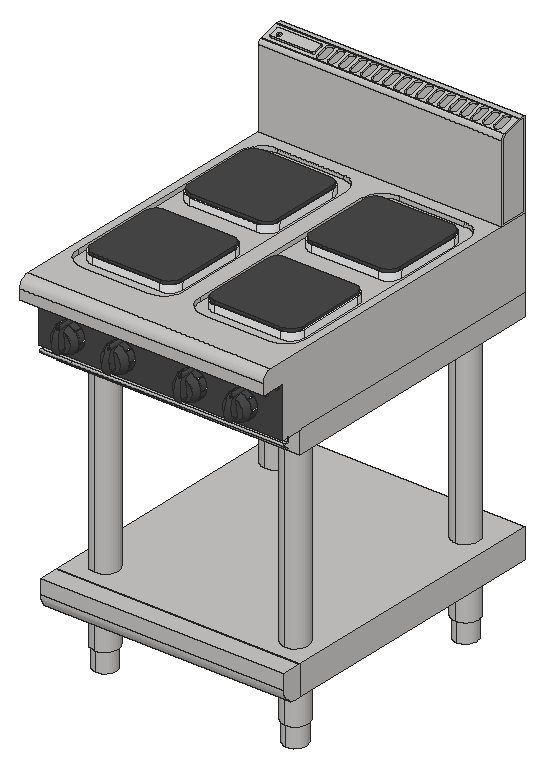
Revit family "QF_Moffat_RNB8400SE-LS_Electric_Cooktops_Sealed_Hobs_cat", category Specialty Equipment, Revit 2019 (continued)
Definition of nested family "High and Low Option"
  Lines and regions (mm)
    symbolic lines
      curve 27: spline (265.709, -25.991, 0) -> (266.049, -23.491, 0) -> (267.048, -21.162, 0) -> (268.637, -19.161, 0) -> (270.709, -17.626, 0) -> (273.12, -16.661, 0) -> (275.709, -16.332, 0) -> (278.297, -16.661, 0) -> (280.709, -17.626, 0) -> (282.78, -19.161, 0) -> (284.369, -21.162, 0) -> (285.368, -23.491, 0) -> (285.709, -25.991, 0)
      curve 28: line (285.709, -25.991, 0) -> (285.709, -50.251, 0)
      curve 29: spline (285.709, -50.251, 0) -> (285.368, -52.751, 0) -> (284.369, -55.081, 0) -> (282.78, -57.081, 0) -> (280.709, -58.616, 0) -> (278.297, -59.581, 0) -> (275.709, -59.91, 0) -> (273.12, -59.581, 0) -> (270.709, -58.616, 0) -> (268.637, -57.081, 0) -> (267.048, -55.081, 0) -> (266.049, -52.751, 0) -> (265.709, -50.251, 0)
      curve 30: line (292.989, -50.251, 0) -> (292.989, -25.991, 0)
      curve 31: spline (292.989, -25.991, 0) -> (293.329, -23.491, 0) -> (294.329, -21.162, 0) -> (295.918, -19.161, 0) -> (297.989, -17.626, 0) -> (300.401, -16.661, 0) -> (302.989, -16.332, 0) -> (305.577, -16.661, 0) -> (307.989, -17.626, 0) -> (310.06, -19.161, 0) -> (311.649, -21.162, 0) -> (312.648, -23.491, 0) -> (312.989, -25.991, 0)
      curve 32: line (312.989, -25.991, 0) -> (312.989, -50.251, 0)
      curve 33: spline (312.989, -50.251, 0) -> (312.648, -52.751, 0) -> (311.649, -55.081, 0) -> (310.06, -57.081, 0) -> (307.989, -58.616, 0) -> (305.577, -59.581, 0) -> (302.989, -59.91, 0) -> (300.401, -59.581, 0) -> (297.989, -58.616, 0) -> (295.918, -57.081, 0) -> (294.329, -55.081, 0) -> (293.329, -52.751, 0) -> (292.989, -50.251, 0)
      curve 34: line (320.269, -50.251, 0) -> (320.269, -25.991, 0)
      curve 35: spline (320.269, -25.991, 0) -> (320.61, -23.491, 0) -> (321.609, -21.162, 0) -> (323.198, -19.161, 0) -> (325.269, -17.626, 0) -> (327.681, -16.661, 0) -> (330.269, -16.332, 0) -> (332.857, -16.661, 0) -> (335.269, -17.626, 0) -> (337.34, -19.161, 0) -> (338.929, -21.162, 0) -> (339.928, -23.491, 0) -> (340.269, -25.991, 0)
      curve 36: line (340.269, -25.991, 0) -> (340.269, -50.251, 0)
      curve 37: spline (340.269, -50.251, 0) -> (339.928, -52.751, 0) -> (338.929, -55.081, 0) -> (337.34, -57.081, 0) -> (335.269, -58.616, 0) -> (332.857, -59.581, 0) -> (330.269, -59.91, 0) -> (327.681, -59.581, 0) -> (325.269, -58.616, 0) -> (323.198, -57.081, 0) -> (321.609, -55.081, 0) -> (320.61, -52.751, 0) -> (320.269, -50.251, 0)
      curve 38: line (347.549, -50.251, 0) -> (347.549, -25.991, 0)
      curve 39: spline (347.549, -25.991, 0) -> (347.89, -23.491, 0) -> (348.889, -21.162, 0) -> (350.478, -19.161, 0) -> (352.549, -17.626, 0) -> (354.961, -16.661, 0) -> (357.549, -16.332, 0) -> (360.137, -16.661, 0) -> (362.549, -17.626, 0) -> (364.62, -19.161, 0) -> (366.209, -21.162, 0) -> (367.208, -23.491, 0) -> (367.549, -25.991, 0)
      curve 40: line (367.549, -25.991, 0) -> (367.549, -50.251, 0)
      curve 41: spline (367.549, -50.251, 0) -> (367.208, -52.751, 0) -> (366.209, -55.081, 0) -> (364.62, -57.081, 0) -> (362.549, -58.616, 0) -> (360.137, -59.581, 0) -> (357.549, -59.91, 0) -> (354.961, -59.581, 0) -> (352.549, -58.616, 0) -> (350.478, -57.081, 0) -> (348.889, -55.081, 0) -> (347.89, -52.751, 0) -> (347.549, -50.251, 0)
      curve 42: line (374.829, -50.251, 0) -> (374.829, -25.991, 0)
      curve 43: spline (374.829, -25.991, 0) -> (375.17, -23.491, 0) -> (376.169, -21.162, 0) -> (377.758, -19.161, 0) -> (379.829, -17.626, 0) -> (382.241, -16.661, 0) -> (384.829, -16.332, 0) -> (387.418, -16.661, 0) -> (389.829, -17.626, 0) -> (391.9, -19.161, 0) -> (393.49, -21.162, 0) -> (394.489, -23.491, 0) -> (394.829, -25.991, 0)
      curve 44: line (394.829, -25.991, 0) -> (394.829, -50.251, 0)
      curve 45: spline (394.829, -50.251, 0) -> (394.489, -52.751, 0) -> (393.49, -55.081, 0) -> (391.9, -57.081, 0) -> (389.829, -58.616, 0) -> (387.418, -59.581, 0) -> (384.829, -59.91, 0) -> (382.241, -59.581, 0) -> (379.829, -58.616, 0) -> (377.758, -57.081, 0) -> (376.169, -55.081, 0) -> (375.17, -52.751, 0) -> (374.829, -50.251, 0)
      curve 46: line (402.11, -50.251, 0) -> (402.11, -25.991, 0)
      curve 47: spline (402.11, -25.991, 0) -> (402.45, -23.491, 0) -> (403.449, -21.162, 0) -> (405.039, -19.161, 0) -> (407.11, -17.626, 0) -> (409.521, -16.661, 0) -> (412.11, -16.332, 0) -> (414.698, -16.661, 0) -> (417.11, -17.626, 0) -> (419.181, -19.161, 0) -> (420.77, -21.162, 0) -> (421.769, -23.491, 0) -> (422.11, -25.991, 0)
      curve 48: line (422.11, -25.991, 0) -> (422.11, -50.251, 0)
      curve 49: spline (422.11, -50.251, 0) -> (421.769, -52.751, 0) -> (420.77, -55.081, 0) -> (419.181, -57.081, 0) -> (417.11, -58.616, 0) -> (414.698, -59.581, 0) -> (412.11, -59.91, 0) -> (409.521, -59.581, 0) -> (407.11, -58.616, 0) -> (405.039, -57.081, 0) -> (403.449, -55.081, 0) -> (402.45, -52.751, 0) -> (402.11, -50.251, 0)
      curve 50: line (429.39, -50.251, 0) -> (429.39, -25.991, 0)
      curve 51: spline (429.39, -25.991, 0) -> (429.731, -23.491, 0) -> (430.73, -21.162, 0) -> (432.319, -19.161, 0) -> (434.39, -17.626, 0) -> (436.802, -16.661, 0) -> (439.39, -16.332, 0) -> (441.978, -16.661, 0) -> (444.39, -17.626, 0) -> (446.461, -19.161, 0) -> (448.05, -21.162, 0) -> (449.049, -23.491, 0) -> (449.39, -25.991, 0)
      curve 52: line (449.39, -25.991, 0) -> (449.39, -50.251, 0)
      curve 53: spline (449.39, -50.251, 0) -> (449.049, -52.751, 0) -> (448.05, -55.081, 0) -> (446.461, -57.081, 0) -> (444.39, -58.616, 0) -> (441.978, -59.581, 0) -> (439.39, -59.91, 0) -> (436.802, -59.581, 0) -> (434.39, -58.616, 0) -> (432.319, -57.081, 0) -> (430.73, -55.081, 0) -> (429.731, -52.751, 0) -> (429.39, -50.251, 0)
      curve 54: line (456.67, -50.251, 0) -> (456.67, -25.991, 0)
      curve 55: spline (456.67, -25.991, 0) -> (457.011, -23.491, 0) -> (458.01, -21.162, 0) -> (459.599, -19.161, 0) -> (461.67, -17.626, 0) -> (464.082, -16.661, 0) -> (466.67, -16.332, 0) -> (469.258, -16.661, 0) -> (471.67, -17.626, 0) -> (473.741, -19.161, 0) -> (475.33, -21.162, 0) -> (476.329, -23.491, 0) -> (476.67, -25.991, 0)
      curve 56: line (476.67, -25.991, 0) -> (476.67, -50.251, 0)
      curve 57: spline (476.67, -50.251, 0) -> (476.329, -52.751, 0) -> (475.33, -55.081, 0) -> (473.741, -57.081, 0) -> (471.67, -58.616, 0) -> (469.258, -59.581, 0) -> (466.67, -59.91, 0) -> (464.082, -59.581, 0) -> (461.67, -58.616, 0) -> (459.599, -57.081, 0) -> (458.01, -55.081, 0) -> (457.011, -52.751, 0) -> (456.67, -50.251, 0)
      curve 58: line (483.95, -50.251, 0) -> (483.95, -25.991, 0)
      curve 59: spline (483.95, -25.991, 0) -> (484.291, -23.491, 0) -> (485.29, -21.162, 0) -> (486.879, -19.161, 0) -> (488.95, -17.626, 0) -> (491.362, -16.661, 0) -> (493.95, -16.332, 0) -> (496.538, -16.661, 0) -> (498.95, -17.626, 0) -> (501.021, -19.161, 0) -> (502.61, -21.162, 0) -> (503.609, -23.491, 0) -> (503.95, -25.991, 0)
      curve 60: line (503.95, -25.991, 0) -> (503.95, -50.251, 0)
      curve 61: spline (503.95, -50.251, 0) -> (503.609, -52.751, 0) -> (502.61, -55.081, 0) -> (501.021, -57.081, 0) -> (498.95, -58.616, 0) -> (496.538, -59.581, 0) -> (493.95, -59.91, 0) -> (491.362, -59.581, 0) -> (488.95, -58.616, 0) -> (486.879, -57.081, 0) -> (485.29, -55.081, 0) -> (484.291, -52.751, 0) -> (483.95, -50.251, 0)
      curve 62: line (511.23, -50.251, 0) -> (511.23, -25.991, 0)
      curve 63: spline (511.23, -25.991, 0) -> (511.571, -23.491, 0) -> (512.57, -21.162, 0) -> (514.159, -19.161, 0) -> (516.23, -17.626, 0) -> (518.642, -16.661, 0) -> (521.23, -16.332, 0) -> (523.819, -16.661, 0) -> (526.23, -17.626, 0) -> (528.302, -19.161, 0) -> (529.891, -21.162, 0) -> (530.89, -23.491, 0) -> (531.23, -25.991, 0)
      curve 64: line (531.23, -25.991, 0) -> (531.23, -50.251, 0)
      curve 65: spline (531.23, -50.251, 0) -> (530.89, -52.751, 0) -> (529.891, -55.081, 0) -> (528.302, -57.081, 0) -> (526.23, -58.616, 0) -> (523.819, -59.581, 0) -> (521.23, -59.91, 0) -> (518.642, -59.581, 0) -> (516.23, -58.616, 0) -> (514.159, -57.081, 0) -> (512.57, -55.081, 0) -> (511.571, -52.751, 0) -> (511.23, -50.251, 0)
      curve 66: line (538.511, -50.251, 0) -> (538.511, -25.991, 0)
      curve 67: spline (538.511, -25.991, 0) -> (538.851, -23.491, 0) -> (539.85, -21.162, 0) -> (541.44, -19.161, 0) -> (543.511, -17.626, 0) -> (545.922, -16.661, 0) -> (548.511, -16.332, 0) -> (551.099, -16.661, 0) -> (553.511, -17.626, 0) -> (555.582, -19.161, 0) -> (557.171, -21.162, 0) -> (558.17, -23.491, 0) -> (558.511, -25.991, 0)
      curve 68: line (558.511, -25.991, 0) -> (558.511, -50.251, 0)
      curve 69: spline (558.511, -50.251, 0) -> (558.17, -52.751, 0) -> (557.171, -55.081, 0) -> (555.582, -57.081, 0) -> (553.511, -58.616, 0) -> (551.099, -59.581, 0) -> (548.511, -59.91, 0) -> (545.922, -59.581, 0) -> (543.511, -58.616, 0) -> (541.44, -57.081, 0) -> (539.85, -55.081, 0) -> (538.851, -52.751, 0) -> (538.511, -50.251, 0)
      curve 70: line (565.791, -50.251, 0) -> (565.791, -25.991, 0)
      curve 71: spline (565.791, -25.991, 0) -> (566.132, -23.491, 0) -> (567.131, -21.162, 0) -> (568.72, -19.161, 0) -> (570.791, -17.626, 0) -> (573.203, -16.661, 0) -> (575.791, -16.332, 0) -> (578.379, -16.661, 0) -> (580.791, -17.626, 0) -> (582.862, -19.161, 0) -> (584.451, -21.162, 0) -> (585.45, -23.491, 0) -> (585.791, -25.991, 0)
      curve 72: line (585.791, -25.991, 0) -> (585.791, -50.251, 0)
      curve 73: spline (585.791, -50.251, 0) -> (585.45, -52.751, 0) -> (584.451, -55.081, 0) -> (582.862, -57.081, 0) -> (580.791, -58.616, 0) -> (578.379, -59.581, 0) -> (575.791, -59.91, 0) -> (573.203, -59.581, 0) -> (570.791, -58.616, 0) -> (568.72, -57.081, 0) -> (567.131, -55.081, 0) -> (566.132, -52.751, 0) -> (565.791, -50.251, 0)
      curve 146: line (0, 0, 0) -> (600, 0, 0)
      curve 147: line (0, -70, 0) -> (0, 0, 0)
      curve 148: line (600, -70, 0) -> (0, -70, 0)
      curve 149: line (600, 0, 0) -> (600, -70, 0)
    symbolic lines, not visible
      curve 74: line (0, 0, 0) -> (600, 0, 0)
      curve 75: line (0, -70, 0) -> (0, 0, 0)
      curve 76: line (600, -70, 0) -> (0, -70, 0)
      curve 77: line (600, 0, 0) -> (600, -70, 0)
      curve 78: line (129.307, -50.251, 0) -> (129.307, -25.991, 0)
      curve 79: spline (129.307, -25.991, 0) -> (129.648, -23.491, 0) -> (130.647, -21.162, 0) -> (132.236, -19.161, 0) -> (134.307, -17.626, 0) -> (136.719, -16.661, 0) -> (139.307, -16.332, 0) -> (141.896, -16.661, 0) -> (144.307, -17.626, 0) -> (146.379, -19.161, 0) -> (147.968, -21.162, 0) -> (148.967, -23.491, 0) -> (149.307, -25.991, 0)
      curve 80: line (149.307, -25.991, 0) -> (149.307, -50.251, 0)
      curve 81: spline (149.307, -50.251, 0) -> (148.967, -52.751, 0) -> (147.968, -55.081, 0) -> (146.379, -57.081, 0) -> (144.307, -58.616, 0) -> (141.896, -59.581, 0) -> (139.307, -59.91, 0) -> (136.719, -59.581, 0) -> (134.307, -58.616, 0) -> (132.236, -57.081, 0) -> (130.647, -55.081, 0) -> (129.648, -52.751, 0) -> (129.307, -50.251, 0)
      curve 82: line (156.588, -50.251, 0) -> (156.588, -25.991, 0)
      curve 83: spline (156.588, -25.991, 0) -> (156.928, -23.491, 0) -> (157.927, -21.162, 0) -> (159.517, -19.161, 0) -> (161.588, -17.626, 0) -> (164, -16.661, 0) -> (166.588, -16.332, 0) -> (169.176, -16.661, 0) -> (171.588, -17.626, 0) -> (173.659, -19.161, 0) -> (175.248, -21.162, 0) -> (176.247, -23.491, 0) -> (176.588, -25.991, 0)
      curve 84: line (176.588, -25.991, 0) -> (176.588, -50.251, 0)
      curve 85: spline (176.588, -50.251, 0) -> (176.247, -52.751, 0) -> (175.248, -55.081, 0) -> (173.659, -57.081, 0) -> (171.588, -58.616, 0) -> (169.176, -59.581, 0) -> (166.588, -59.91, 0) -> (164, -59.581, 0) -> (161.588, -58.616, 0) -> (159.517, -57.081, 0) -> (157.927, -55.081, 0) -> (156.928, -52.751, 0) -> (156.588, -50.251, 0)
      curve 86: line (183.868, -50.251, 0) -> (183.868, -25.991, 0)
      curve 87: spline (183.868, -25.991, 0) -> (184.209, -23.491, 0) -> (185.208, -21.162, 0) -> (186.797, -19.161, 0) -> (188.868, -17.626, 0) -> (191.28, -16.661, 0) -> (193.868, -16.332, 0) -> (196.456, -16.661, 0) -> (198.868, -17.626, 0) -> (200.939, -19.161, 0) -> (202.528, -21.162, 0) -> (203.527, -23.491, 0) -> (203.868, -25.991, 0)
      curve 88: line (203.868, -25.991, 0) -> (203.868, -50.251, 0)
      curve 89: spline (203.868, -50.251, 0) -> (203.527, -52.751, 0) -> (202.528, -55.081, 0) -> (200.939, -57.081, 0) -> (198.868, -58.616, 0) -> (196.456, -59.581, 0) -> (193.868, -59.91, 0) -> (191.28, -59.581, 0) -> (188.868, -58.616, 0) -> (186.797, -57.081, 0) -> (185.208, -55.081, 0) -> (184.209, -52.751, 0) -> (183.868, -50.251, 0)
      curve 90: line (211.148, -50.251, 0) -> (211.148, -25.991, 0)
      curve 91: spline (211.148, -25.991, 0) -> (211.489, -23.491, 0) -> (212.488, -21.162, 0) -> (214.077, -19.161, 0) -> (216.148, -17.626, 0) -> (218.56, -16.661, 0) -> (221.148, -16.332, 0) -> (223.736, -16.661, 0) -> (226.148, -17.626, 0) -> (228.219, -19.161, 0) -> (229.808, -21.162, 0) -> (230.807, -23.491, 0) -> (231.148, -25.991, 0)
      curve 92: line (231.148, -25.991, 0) -> (231.148, -50.251, 0)
      curve 93: spline (231.148, -50.251, 0) -> (230.807, -52.751, 0) -> (229.808, -55.081, 0) -> (228.219, -57.081, 0) -> (226.148, -58.616, 0) -> (223.736, -59.581, 0) -> (221.148, -59.91, 0) -> (218.56, -59.581, 0) -> (216.148, -58.616, 0) -> (214.077, -57.081, 0) -> (212.488, -55.081, 0) -> (211.489, -52.751, 0) -> (211.148, -50.251, 0)
      curve 94: line (238.428, -50.251, 0) -> (238.428, -25.991, 0)
      curve 95: spline (238.428, -25.991, 0) -> (238.769, -23.491, 0) -> (239.768, -21.162, 0) -> (241.357, -19.161, 0) -> (243.428, -17.626, 0) -> (245.84, -16.661, 0) -> (248.428, -16.332, 0) -> (251.017, -16.661, 0) -> (253.428, -17.626, 0) -> (255.499, -19.161, 0) -> (257.089, -21.162, 0) -> (258.088, -23.491, 0) -> (258.428, -25.991, 0)
      curve 96: line (258.428, -25.991, 0) -> (258.428, -50.251, 0)
      curve 97: spline (258.428, -50.251, 0) -> (258.088, -52.751, 0) -> (257.089, -55.081, 0) -> (255.499, -57.081, 0) -> (253.428, -58.616, 0) -> (251.017, -59.581, 0) -> (248.428, -59.91, 0) -> (245.84, -59.581, 0) -> (243.428, -58.616, 0) -> (241.357, -57.081, 0) -> (239.768, -55.081, 0) -> (238.769, -52.751, 0) -> (238.428, -50.251, 0)
      curve 98: line (265.709, -50.251, 0) -> (265.709, -25.991, 0)
      curve 99: spline (265.709, -25.991, 0) -> (266.049, -23.491, 0) -> (267.048, -21.162, 0) -> (268.637, -19.161, 0) -> (270.709, -17.626, 0) -> (273.12, -16.661, 0) -> (275.709, -16.332, 0) -> (278.297, -16.661, 0) -> (280.709, -17.626, 0) -> (282.78, -19.161, 0) -> (284.369, -21.162, 0) -> (285.368, -23.491, 0) -> (285.709, -25.991, 0)
      curve 100: line (285.709, -25.991, 0) -> (285.709, -50.251, 0)
      curve 101: spline (285.709, -50.251, 0) -> (285.368, -52.751, 0) -> (284.369, -55.081, 0) -> (282.78, -57.081, 0) -> (280.709, -58.616, 0) -> (278.297, -59.581, 0) -> (275.709, -59.91, 0) -> (273.12, -59.581, 0) -> (270.709, -58.616, 0) -> (268.637, -57.081, 0) -> (267.048, -55.081, 0) -> (266.049, -52.751, 0) -> (265.709, -50.251, 0)
      curve 102: line (292.989, -50.251, 0) -> (292.989, -25.991, 0)
      curve 103: spline (292.989, -25.991, 0) -> (293.329, -23.491, 0) -> (294.329, -21.162, 0) -> (295.918, -19.161, 0) -> (297.989, -17.626, 0) -> (300.401, -16.661, 0) -> (302.989, -16.332, 0) -> (305.577, -16.661, 0) -> (307.989, -17.626, 0) -> (310.06, -19.161, 0) -> (311.649, -21.162, 0) -> (312.648, -23.491, 0) -> (312.989, -25.991, 0)
      curve 104: line (312.989, -25.991, 0) -> (312.989, -50.251, 0)
      curve 105: spline (312.989, -50.251, 0) -> (312.648, -52.751, 0) -> (311.649, -55.081, 0) -> (310.06, -57.081, 0) -> (307.989, -58.616, 0) -> (305.577, -59.581, 0) -> (302.989, -59.91, 0) -> (300.401, -59.581, 0) -> (297.989, -58.616, 0) -> (295.918, -57.081, 0) -> (294.329, -55.081, 0) -> (293.329, -52.751, 0) -> (292.989, -50.251, 0)
      curve 106: line (320.269, -50.251, 0) -> (320.269, -25.991, 0)
      curve 107: spline (320.269, -25.991, 0) -> (320.61, -23.491, 0) -> (321.609, -21.162, 0) -> (323.198, -19.161, 0) -> (325.269, -17.626, 0) -> (327.681, -16.661, 0) -> (330.269, -16.332, 0) -> (332.857, -16.661, 0) -> (335.269, -17.626, 0) -> (337.34, -19.161, 0) -> (338.929, -21.162, 0) -> (339.928, -23.491, 0) -> (340.269, -25.991, 0)
      curve 108: line (340.269, -25.991, 0) -> (340.269, -50.251, 0)
      curve 109: spline (340.269, -50.251, 0) -> (339.928, -52.751, 0) -> (338.929, -55.081, 0) -> (337.34, -57.081, 0) -> (335.269, -58.616, 0) -> (332.857, -59.581, 0) -> (330.269, -59.91, 0) -> (327.681, -59.581, 0) -> (325.269, -58.616, 0) -> (323.198, -57.081, 0) -> (321.609, -55.081, 0) -> (320.61, -52.751, 0) -> (320.269, -50.251, 0)
      curve 110: line (347.549, -50.251, 0) -> (347.549, -25.991, 0)
      curve 111: spline (347.549, -25.991, 0) -> (347.89, -23.491, 0) -> (348.889, -21.162, 0) -> (350.478, -19.161, 0) -> (352.549, -17.626, 0) -> (354.961, -16.661, 0) -> (357.549, -16.332, 0) -> (360.137, -16.661, 0) -> (362.549, -17.626, 0) -> (364.62, -19.161, 0) -> (366.209, -21.162, 0) -> (367.208, -23.491, 0) -> (367.549, -25.991, 0)
      curve 112: line (367.549, -25.991, 0) -> (367.549, -50.251, 0)
      curve 113: spline (367.549, -50.251, 0) -> (367.208, -52.751, 0) -> (366.209, -55.081, 0) -> (364.62, -57.081, 0) -> (362.549, -58.616, 0) -> (360.137, -59.581, 0) -> (357.549, -59.91, 0) -> (354.961, -59.581, 0) -> (352.549, -58.616, 0) -> (350.478, -57.081, 0) -> (348.889, -55.081, 0) -> (347.89, -52.751, 0) -> (347.549, -50.251, 0)
      curve 114: line (374.829, -50.251, 0) -> (374.829, -25.991, 0)
      curve 115: spline (374.829, -25.991, 0) -> (375.17, -23.491, 0) -> (376.169, -21.162, 0) -> (377.758, -19.161, 0) -> (379.829, -17.626, 0) -> (382.241, -16.661, 0) -> (384.829, -16.332, 0) -> (387.418, -16.661, 0) -> (389.829, -17.626, 0) -> (391.9, -19.161, 0) -> (393.49, -21.162, 0) -> (394.489, -23.491, 0) -> (394.829, -25.991, 0)
      curve 116: line (394.829, -25.991, 0) -> (394.829, -50.251, 0)
      curve 117: spline (394.829, -50.251, 0) -> (394.489, -52.751, 0) -> (393.49, -55.081, 0) -> (391.9, -57.081, 0) -> (389.829, -58.616, 0) -> (387.418, -59.581, 0) -> (384.829, -59.91, 0) -> (382.241, -59.581, 0) -> (379.829, -58.616, 0) -> (377.758, -57.081, 0) -> (376.169, -55.081, 0) -> (375.17, -52.751, 0) -> (374.829, -50.251, 0)
      curve 118: line (402.11, -50.251, 0) -> (402.11, -25.991, 0)
      curve 119: spline (402.11, -25.991, 0) -> (402.45, -23.491, 0) -> (403.449, -21.162, 0) -> (405.039, -19.161, 0) -> (407.11, -17.626, 0) -> (409.521, -16.661, 0) -> (412.11, -16.332, 0) -> (414.698, -16.661, 0) -> (417.11, -17.626, 0) -> (419.181, -19.161, 0) -> (420.77, -21.162, 0) -> (421.769, -23.491, 0) -> (422.11, -25.991, 0)
      curve 120: line (422.11, -25.991, 0) -> (422.11, -50.251, 0)
      curve 121: spline (422.11, -50.251, 0) -> (421.769, -52.751, 0) -> (420.77, -55.081, 0) -> (419.181, -57.081, 0) -> (417.11, -58.616, 0) -> (414.698, -59.581, 0) -> (412.11, -59.91, 0) -> (409.521, -59.581, 0) -> (407.11, -58.616, 0) -> (405.039, -57.081, 0) -> (403.449, -55.081, 0) -> (402.45, -52.751, 0) -> (402.11, -50.251, 0)
      curve 122: line (429.39, -50.251, 0) -> (429.39, -25.991, 0)
      curve 123: spline (429.39, -25.991, 0) -> (429.731, -23.491, 0) -> (430.73, -21.162, 0) -> (432.319, -19.161, 0) -> (434.39, -17.626, 0) -> (436.802, -16.661, 0) -> (439.39, -16.332, 0) -> (441.978, -16.661, 0) -> (444.39, -17.626, 0) -> (446.461, -19.161, 0) -> (448.05, -21.162, 0) -> (449.049, -23.491, 0) -> (449.39, -25.991, 0)
      curve 124: line (449.39, -25.991, 0) -> (449.39, -50.251, 0)
      curve 125: spline (449.39, -50.251, 0) -> (449.049, -52.751, 0) -> (448.05, -55.081, 0) -> (446.461, -57.081, 0) -> (444.39, -58.616, 0) -> (441.978, -59.581, 0) -> (439.39, -59.91, 0) -> (436.802, -59.581, 0) -> (434.39, -58.616, 0) -> (432.319, -57.081, 0) -> (430.73, -55.081, 0) -> (429.731, -52.751, 0) -> (429.39, -50.251, 0)
      curve 126: line (456.67, -50.251, 0) -> (456.67, -25.991, 0)
      curve 127: spline (456.67, -25.991, 0) -> (457.011, -23.491, 0) -> (458.01, -21.162, 0) -> (459.599, -19.161, 0) -> (461.67, -17.626, 0) -> (464.082, -16.661, 0) -> (466.67, -16.332, 0) -> (469.258, -16.661, 0) -> (471.67, -17.626, 0) -> (473.741, -19.161, 0) -> (475.33, -21.162, 0) -> (476.329, -23.491, 0) -> (476.67, -25.991, 0)
      curve 128: line (476.67, -25.991, 0) -> (476.67, -50.251, 0)
      curve 129: spline (476.67, -50.251, 0) -> (476.329, -52.751, 0) -> (475.33, -55.081, 0) -> (473.741, -57.081, 0) -> (471.67, -58.616, 0) -> (469.258, -59.581, 0) -> (466.67, -59.91, 0) -> (464.082, -59.581, 0) -> (461.67, -58.616, 0) -> (459.599, -57.081, 0) -> (458.01, -55.081, 0) -> (457.011, -52.751, 0) -> (456.67, -50.251, 0)
      curve 130: line (483.95, -50.251, 0) -> (483.95, -25.991, 0)
      curve 131: spline (483.95, -25.991, 0) -> (484.291, -23.491, 0) -> (485.29, -21.162, 0) -> (486.879, -19.161, 0) -> (488.95, -17.626, 0) -> (491.362, -16.661, 0) -> (493.95, -16.332, 0) -> (496.538, -16.661, 0) -> (498.95, -17.626, 0) -> (501.021, -19.161, 0) -> (502.61, -21.162, 0) -> (503.609, -23.491, 0) -> (503.95, -25.991, 0)
      curve 132: line (503.95, -25.991, 0) -> (503.95, -50.251, 0)
      curve 133: spline (503.95, -50.251, 0) -> (503.609, -52.751, 0) -> (502.61, -55.081, 0) -> (501.021, -57.081, 0) -> (498.95, -58.616, 0) -> (496.538, -59.581, 0) -> (493.95, -59.91, 0) -> (491.362, -59.581, 0) -> (488.95, -58.616, 0) -> (486.879, -57.081, 0) -> (485.29, -55.081, 0) -> (484.291, -52.751, 0) -> (483.95, -50.251, 0)
      curve 134: line (511.23, -50.251, 0) -> (511.23, -25.991, 0)
      curve 135: spline (511.23, -25.991, 0) -> (511.571, -23.491, 0) -> (512.57, -21.162, 0) -> (514.159, -19.161, 0) -> (516.23, -17.626, 0) -> (518.642, -16.661, 0) -> (521.23, -16.332, 0) -> (523.819, -16.661, 0) -> (526.23, -17.626, 0) -> (528.302, -19.161, 0) -> (529.891, -21.162, 0) -> (530.89, -23.491, 0) -> (531.23, -25.991, 0)
      curve 136: line (531.23, -25.991, 0) -> (531.23, -50.251, 0)
      curve 137: spline (531.23, -50.251, 0) -> (530.89, -52.751, 0) -> (529.891, -55.081, 0) -> (528.302, -57.081, 0) -> (526.23, -58.616, 0) -> (523.819, -59.581, 0) -> (521.23, -59.91, 0) -> (518.642, -59.581, 0) -> (516.23, -58.616, 0) -> (514.159, -57.081, 0) -> (512.57, -55.081, 0) -> (511.571, -52.751, 0) -> (511.23, -50.251, 0)
      curve 138: line (538.511, -50.251, 0) -> (538.511, -25.991, 0)
      curve 139: spline (538.511, -25.991, 0) -> (538.851, -23.491, 0) -> (539.85, -21.162, 0) -> (541.44, -19.161, 0) -> (543.511, -17.626, 0) -> (545.922, -16.661, 0) -> (548.511, -16.332, 0) -> (551.099, -16.661, 0) -> (553.511, -17.626, 0) -> (555.582, -19.161, 0) -> (557.171, -21.162, 0) -> (558.17, -23.491, 0) -> (558.511, -25.991, 0)
      curve 140: line (558.511, -25.991, 0) -> (558.511, -50.251, 0)
      curve 141: spline (558.511, -50.251, 0) -> (558.17, -52.751, 0) -> (557.171, -55.081, 0) -> (555.582, -57.081, 0) -> (553.511, -58.616, 0) -> (551.099, -59.581, 0) -> (548.511, -59.91, 0) -> (545.922, -59.581, 0) -> (543.511, -58.616, 0) -> (541.44, -57.081, 0) -> (539.85, -55.081, 0) -> (538.851, -52.751, 0) -> (538.511, -50.251, 0)
      curve 142: line (565.791, -50.251, 0) -> (565.791, -25.991, 0)
      curve 143: spline (565.791, -25.991, 0) -> (566.132, -23.491, 0) -> (567.131, -21.162, 0) -> (568.72, -19.161, 0) -> (570.791, -17.626, 0) -> (573.203, -16.661, 0) -> (575.791, -16.332, 0) -> (578.379, -16.661, 0) -> (580.791, -17.626, 0) -> (582.862, -19.161, 0) -> (584.451, -21.162, 0) -> (585.45, -23.491, 0) -> (585.791, -25.991, 0)
      curve 144: line (585.791, -25.991, 0) -> (585.791, -50.251, 0)
      curve 145: spline (585.791, -50.251, 0) -> (585.45, -52.751, 0) -> (584.451, -55.081, 0) -> (582.862, -57.081, 0) -> (580.791, -58.616, 0) -> (578.379, -59.581, 0) -> (575.791, -59.91, 0) -> (573.203, -59.581, 0) -> (570.791, -58.616, 0) -> (568.72, -57.081, 0) -> (567.131, -55.081, 0) -> (566.132, -52.751, 0) -> (565.791, -50.251, 0)
      curve 150: line (0, 0, 0) -> (600, 0, 0)
      curve 151: line (0, -70, 0) -> (0, 0, 0)
      curve 152: line (600, -70, 0) -> (0, -70, 0)
      curve 153: line (600, 0, 0) -> (600, -70, 0)
  Dimensions and locks
    equal spacing: plane 3 "LEFT", plane 7 "Center Y", plane 4 "RIGHT"
    "Length": plane 3 "LEFT" to plane 4 "RIGHT"
    equal spacing: plane 5 "FRONT", plane 8 "Center X", plane 1 "BACK"
    "Depth": plane 5 "FRONT" to plane 1 "BACK"
    "Height": plane 6 "TOP" to level
    plane 4 "RIGHT" to plane 3 "LEFT" = 600 mm
    plane 1 "BACK" to plane 5 "FRONT" = 805 mm
    plane 9 to plane 10 = 769 mm
    plane 12 to plane 2 = 675 mm
    plane 6 "TOP" to level = 970 mm
    plane 13 to level = 1130 mm
    plane 13 to plane 15 = 215 mm
    aligned and locked: level to plane 2
  Automatic sketch dimensions
    Extrusion 2 sketch curve to Extrusion 2 sketch curve = 11.8 mm
    Extrusion 2 sketch curve to Extrusion 2 sketch curve = 2.248 mm
    Extrusion 2 sketch curve to Extrusion 2 sketch curve = 63.6 mm
    Extrusion 2 sketch curve to Extrusion 2 sketch curve = 3.2 mm  (x5)
    plane 1 "BACK" to curve 1 = 71.587 mm
    curve 1 to plane 6 "TOP" = 46.75 mm
    curve 1 to curve 1 = 23 mm
    Extrusion 2 sketch curve to Extrusion 2 sketch curve = 187.855 mm
    Extrusion 7 sketch curve to Extrusion 7 sketch curve = 11.8 mm
    Extrusion 7 sketch curve to Extrusion 7 sketch curve = 2.248 mm
    Extrusion 7 sketch curve to Extrusion 7 sketch curve = 63.6 mm
    Extrusion 7 sketch curve to Extrusion 7 sketch curve = 3.2 mm  (x5)
    Extrusion 7 sketch curve to Extrusion 7 sketch curve = 187.855 mm
    curve 2 to curve 6 = 129.307 mm
    curve 6 to curve 8 = 20 mm
    curve 8 to curve 10 = 7.28 mm
    curve 10 to curve 12 = 20 mm
    curve 12 to curve 14 = 7.28 mm
    curve 14 to curve 16 = 20 mm
    curve 16 to curve 18 = 7.28 mm
    curve 18 to curve 20 = 20 mm
    curve 20 to curve 22 = 7.28 mm
    curve 22 to curve 24 = 20 mm
    curve 24 to curve 26 = 7.28 mm
    curve 29 to curve 28 = 20 mm
    curve 27 to curve 30 = 7.28 mm
    curve 30 to curve 32 = 20 mm
    curve 33 to curve 34 = 7.28 mm
    curve 34 to curve 36 = 20 mm
    curve 37 to curve 38 = 7.28 mm
    curve 41 to curve 40 = 20 mm
    curve 41 to curve 42 = 7.28 mm
    curve 45 to curve 44 = 20 mm
    curve 45 to curve 46 = 7.28 mm
    curve 46 to curve 48 = 20 mm
    curve 49 to curve 50 = 7.28 mm
    curve 50 to curve 52 = 20 mm
    curve 53 to curve 54 = 7.28 mm
    curve 57 to curve 56 = 20 mm
    curve 57 to curve 58 = 7.28 mm
    curve 58 to curve 60 = 20 mm
    curve 61 to curve 62 = 7.28 mm
    curve 62 to curve 64 = 20 mm
    curve 65 to curve 66 = 7.28 mm
    curve 66 to curve 68 = 20 mm
    curve 69 to curve 70 = 7.28 mm
    curve 70 to curve 72 = 20 mm
    curve 3 to curve 6 = 19.749 mm
    curve 8 to curve 10 = 0 mm
    curve 12 to curve 14 = 0 mm
    curve 16 to curve 18 = 0 mm
    curve 20 to curve 22 = 0 mm
    curve 24 to curve 26 = 0 mm
    curve 29 to curve 30 = 0 mm
    curve 33 to curve 34 = 0 mm
    curve 37 to curve 38 = 0 mm
    curve 68 to curve 70 = 0 mm  (x2)
    curve 41 to curve 42 = 0 mm
    curve 64 to curve 69 = 0 mm
    curve 45 to curve 46 = 0 mm
    curve 60 to curve 65 = 0 mm
    curve 49 to curve 50 = 0 mm
    curve 56 to curve 58 = 0 mm  (x2)
    curve 52 to curve 52 = 24.26 mm
    curve 52 to curve 54 = 0 mm
    curve 48 to curve 51 = 0 mm
    curve 44 to curve 47 = 0 mm
    curve 59 to curve 62 = 0 mm
    curve 40 to curve 43 = 0 mm
    curve 64 to curve 66 = 0 mm
    curve 36 to curve 39 = 0 mm
    curve 32 to curve 35 = 0 mm
    curve 28 to curve 31 = 0 mm
    curve 24 to curve 27 = 0 mm
    curve 20 to curve 23 = 0 mm
    curve 16 to curve 19 = 0 mm
    curve 12 to curve 15 = 0 mm
    curve 8 to curve 11 = 0 mm
    curve 3 to curve 3 = 70 mm
    Extrusion 5 sketch curve to Extrusion 5 sketch curve = 11.379 mm  (x2)
    Extrusion 5 sketch curve to Extrusion 5 sketch curve = 0 mm  (x26)
    Extrusion 5 sketch curve to Extrusion 5 sketch curve = 25.116 mm  (x6)
    Extrusion 5 sketch curve to Extrusion 5 sketch curve = 47.732 mm
    Extrusion 5 sketch curve to Extrusion 5 sketch curve = 129.307 mm
    Extrusion 5 sketch curve to Extrusion 5 sketch curve = 10 mm  (x17)
    Extrusion 5 sketch curve to Extrusion 5 sketch curve = 7.28 mm  (x16)
    Extrusion 5 sketch curve to Extrusion 5 sketch curve = 14.209 mm
    curve 72 to curve 2 = 14.209 mm
    curve 72 to curve 71 = 24.26 mm
    curve 74 to curve 78 = 129.307 mm
    curve 78 to curve 80 = 20 mm
    curve 80 to curve 82 = 7.28 mm
    curve 82 to curve 84 = 20 mm
    curve 84 to curve 86 = 7.28 mm
    curve 86 to curve 88 = 20 mm
    curve 88 to curve 90 = 7.28 mm
    curve 90 to curve 92 = 20 mm
    curve 92 to curve 94 = 7.28 mm
    curve 94 to curve 96 = 20 mm
    curve 96 to curve 98 = 7.28 mm
    curve 101 to curve 100 = 20 mm
    curve 99 to curve 102 = 7.28 mm
    curve 102 to curve 104 = 20 mm
    curve 105 to curve 106 = 7.28 mm
    curve 106 to curve 108 = 20 mm
    curve 109 to curve 110 = 7.28 mm
    curve 113 to curve 112 = 20 mm
    curve 113 to curve 114 = 7.28 mm
    curve 117 to curve 116 = 20 mm
    curve 117 to curve 118 = 7.28 mm
    curve 118 to curve 120 = 20 mm
    curve 121 to curve 122 = 7.28 mm
    curve 122 to curve 124 = 20 mm
    curve 125 to curve 126 = 7.28 mm
    curve 129 to curve 128 = 20 mm
    curve 129 to curve 130 = 7.28 mm
    curve 130 to curve 132 = 20 mm
    curve 133 to curve 134 = 7.28 mm
    curve 134 to curve 136 = 20 mm
    curve 137 to curve 138 = 7.28 mm
    curve 138 to curve 140 = 20 mm
    curve 141 to curve 142 = 7.28 mm
    curve 142 to curve 144 = 20 mm
    curve 75 to curve 78 = 19.749 mm
    curve 80 to curve 82 = 0 mm
    curve 84 to curve 86 = 0 mm
    curve 88 to curve 90 = 0 mm
    curve 92 to curve 94 = 0 mm
    curve 96 to curve 98 = 0 mm
    curve 101 to curve 102 = 0 mm
    curve 105 to curve 106 = 0 mm
    curve 109 to curve 110 = 0 mm
    curve 140 to curve 142 = 0 mm  (x2)
    curve 113 to curve 114 = 0 mm
    curve 136 to curve 141 = 0 mm
    curve 117 to curve 118 = 0 mm
    curve 132 to curve 137 = 0 mm
    curve 121 to curve 122 = 0 mm
    curve 128 to curve 130 = 0 mm  (x2)
    curve 124 to curve 124 = 24.26 mm
    curve 124 to curve 126 = 0 mm
    curve 120 to curve 123 = 0 mm
    curve 116 to curve 119 = 0 mm
    curve 131 to curve 134 = 0 mm
    curve 112 to curve 115 = 0 mm
    curve 136 to curve 138 = 0 mm
    curve 108 to curve 111 = 0 mm
    curve 104 to curve 107 = 0 mm
    curve 100 to curve 103 = 0 mm
    curve 96 to curve 99 = 0 mm
    curve 92 to curve 95 = 0 mm
    curve 88 to curve 91 = 0 mm
    curve 84 to curve 87 = 0 mm
    curve 80 to curve 83 = 0 mm
    curve 75 to curve 75 = 70 mm
    Extrusion 10 sketch curve to Extrusion 10 sketch curve = 11.379 mm  (x2)
    Extrusion 10 sketch curve to Extrusion 10 sketch curve = 0 mm  (x26)
    Extrusion 10 sketch curve to Extrusion 10 sketch curve = 25.116 mm  (x6)
    Extrusion 10 sketch curve to Extrusion 10 sketch curve = 47.732 mm
    Extrusion 10 sketch curve to Extrusion 10 sketch curve = 129.307 mm
    Extrusion 10 sketch curve to Extrusion 10 sketch curve = 10 mm  (x17)
    Extrusion 10 sketch curve to Extrusion 10 sketch curve = 7.28 mm  (x16)
    Extrusion 10 sketch curve to Extrusion 10 sketch curve = 14.209 mm
    curve 144 to curve 74 = 14.209 mm
    curve 144 to curve 143 = 24.26 mm
    curve 147 to curve 148 = 600 mm
    curve 147 to curve 147 = 70 mm
    curve 151 to curve 152 = 600 mm
    curve 151 to curve 151 = 70 mm
    Extrusion 3 sketch curve to Extrusion 3 sketch curve = 63.6 mm
    Extrusion 3 sketch curve to Extrusion 3 sketch curve = 187.738 mm
    Extrusion 8 sketch curve to Extrusion 8 sketch curve = 63.6 mm
    Extrusion 8 sketch curve to Extrusion 8 sketch curve = 187.738 mm
    Extrusion 1 sketch curve to Extrusion 1 sketch curve = 15 mm
    Extrusion 1 sketch curve to Extrusion 1 sketch curve = 55 mm  (x2)
    Extrusion 1 sketch curve to Extrusion 1 sketch curve = 40 mm
    Extrusion 6 sketch curve to Extrusion 6 sketch curve = 15 mm
    Extrusion 6 sketch curve to Extrusion 6 sketch curve = 55 mm  (x2)
    Extrusion 6 sketch curve to Extrusion 6 sketch curve = 40 mm
    Extrusion 4 sketch curve to Extrusion 4 sketch curve = 6.522 mm
    Extrusion 4 sketch curve to Extrusion 4 sketch curve = 8.8 mm
    Extrusion 4 sketch curve to Extrusion 4 sketch curve = 46.135 mm
    Extrusion 4 sketch curve to Extrusion 4 sketch curve = 63.6 mm
    Extrusion 4 sketch curve to Extrusion 4 sketch curve = 12.362 mm
    Extrusion 4 sketch curve to Extrusion 4 sketch curve = 187.738 mm
    Extrusion 2 sketch curve to Extrusion 2 sketch curve = 5.694 mm
    Extrusion 2 sketch curve to Extrusion 2 sketch curve = 8.8 mm
    Extrusion 2 sketch curve to Extrusion 2 sketch curve = 0.857 mm
    Extrusion 2 sketch curve to Extrusion 2 sketch curve = 9.154 mm
    Extrusion 2 sketch curve to Extrusion 2 sketch curve = 0.117 mm
    Extrusion 2 sketch curve to Extrusion 2 sketch curve = 0 mm
    Extrusion 3 sketch curve to Extrusion 3 sketch curve = 10.943 mm
    Extrusion 3 sketch curve to Extrusion 3 sketch curve = 20.862 mm
    Extrusion 3 sketch curve to Extrusion 3 sketch curve = 6.522 mm
    Extrusion 3 sketch curve to Extrusion 3 sketch curve = 8.5 mm
    Extrusion 3 sketch curve to Extrusion 3 sketch curve = 2.278 mm
    Extrusion 9 sketch curve to Extrusion 9 sketch curve = 6.522 mm
    Extrusion 9 sketch curve to Extrusion 9 sketch curve = 8.8 mm
    Extrusion 9 sketch curve to Extrusion 9 sketch curve = 46.135 mm
    Extrusion 9 sketch curve to Extrusion 9 sketch curve = 63.6 mm
    Extrusion 9 sketch curve to Extrusion 9 sketch curve = 12.362 mm
    Extrusion 9 sketch curve to Extrusion 9 sketch curve = 187.738 mm
    Extrusion 7 sketch curve to Extrusion 7 sketch curve = 5.694 mm
    Extrusion 7 sketch curve to Extrusion 7 sketch curve = 8.8 mm
    Extrusion 7 sketch curve to Extrusion 7 sketch curve = 0.857 mm
    Extrusion 7 sketch curve to Extrusion 7 sketch curve = 9.154 mm
    Extrusion 7 sketch curve to Extrusion 7 sketch curve = 0.117 mm
    Extrusion 7 sketch curve to Extrusion 7 sketch curve = 0 mm
    Extrusion 8 sketch curve to Extrusion 8 sketch curve = 10.943 mm
    Extrusion 8 sketch curve to Extrusion 8 sketch curve = 20.862 mm
    Extrusion 8 sketch curve to Extrusion 8 sketch curve = 6.522 mm
    Extrusion 8 sketch curve to Extrusion 8 sketch curve = 8.5 mm
    Extrusion 8 sketch curve to Extrusion 8 sketch curve = 2.278 mm
  Nested families
    nested 1: "QF_LOGO_Waldorf" at (32, -70, 923.25), visible <- "Show Logo 1", type "QF_LOGO_Waldorf"
    nested 2: "QF_LOGO_Waldorf1" at (12.5, -38.053, 1110.468), visible <- "Show Logo 2", type "QF_LOGO_Waldorf1"
    nested 3: "QF_LOGO_Waldorf" at (32, -70, 923.25), visible <- "Show Logo 1", type "QF_LOGO_Waldorf", not visible
    nested 4: "QF_LOGO_Waldorf1" at (12.5, -38.053, 1110.468), visible <- "Show Logo 2", type "QF_LOGO_Waldorf1", not visible
  Definition of nested family "QF_LOGO_Waldorf"
    Parameters (values of type "QF_LOGO_Waldorf")
      Weight in Pounds = 0
      URL Cutsheet = ""
      Specification by User = ""
      Specification by Manufacturer = ""
      Serial Number = ""
      Seismic Rating = ""
      SMACNA No = ""
      Revision Code = ""
      NAFEM Spec ID Number = ""
      Masterspec = ""
      Length = 138 mm
      Item Number = ""
      Installed By = ""
      Identify Quantity as Lot = yes
      Height = 26.711 mm
      Furnished By = ""
      Foodservice Equipment Identifier = yes
      Depth = 3.175 mm
      CSI MasterFormat = ""
    Reference planes
      plane 1 "BACK": y = 0
      plane 2: z = 0
      plane 3 "LEFT": x = 0
      plane 4 "RIGHT": x = 138
      plane 5 "FRONT": y = -3.175
      plane 6 "TOP": z = 26.711
      plane 7 "Center Y": x = 69
      plane 8 "Center X": y = -1.587
    Forms (mm)
      Extrusion 1, solid
        sketch origin (0, 0, 0) x (1, 0, 0) y (0, 0, 1)
          loop
            line (109, 3.464) -> (109, 23.247)
            spline (109, 23.247) -> (108.966, 23.699) -> (108.864, 24.143) -> (108.696, 24.572) -> (108.464, 24.979) -> (108.173, 25.355) -> (107.828, 25.696) -> (107.435, 25.995) -> (107, 26.247) -> (106.531, 26.447) -> (106.035, 26.593) -> (105.522, 26.681) -> (105, 26.711)
            line (105, 26.711) -> (4, 26.711)
            spline (4, 26.711) -> (3.478, 26.681) -> (2.965, 26.593) -> (2.469, 26.447) -> (2, 26.247) -> (1.565, 25.995) -> (1.172, 25.696) -> (0.827, 25.355) -> (0.536, 24.979) -> (0.304, 24.572) -> (0.136, 24.143) -> (0.034, 23.699) -> (0, 23.247)
            line (0, 23.247) -> (0, 3.464)
            spline (0, 3.464) -> (0.034, 3.012) -> (0.136, 2.568) -> (0.304, 2.138) -> (0.536, 1.732) -> (0.827, 1.355) -> (1.172, 1.015) -> (1.565, 0.716) -> (2, 0.464) -> (2.469, 0.264) -> (2.965, 0.118) -> (3.478, 0.03) -> (4, 0)
            line (4, 0) -> (105, 0)
            spline (105, 0) -> (105.522, 0.03) -> (106.035, 0.118) -> (106.531, 0.264) -> (107, 0.464) -> (107.435, 0.716) -> (107.828, 1.015) -> (108.173, 1.355) -> (108.464, 1.732) -> (108.696, 2.138) -> (108.864, 2.568) -> (108.966, 3.012) -> (109, 3.464)
          loop
            line (14.75, 7.005) -> (14.75, 15.654)
            arc (14.75, 15.654) -> (10.425, 11.329) -> (14.75, 7.005) r 4.325
          loop
            line (15.25, 15.654) -> (15.25, 7.005)
            arc (15.25, 7.005) -> (19.575, 11.329) -> (15.25, 15.654) r 4.325
        from 0 to 3.2
      Extrusion 2, solid
        sketch origin (0, 0, 0) x (1, 0, 0) y (0, 0, 1)
          loop
            line (15.25, 15.654) -> (15.25, 7.005)
            arc (15.25, 7.005) -> (19.575, 11.329) -> (15.25, 15.654) r 4.325
        from 0 to 3.2
      Extrusion 3, solid
        sketch origin (16.271, 0, 0) x (-1, 0, 0) y (0, 0, -1)
          loop
            arc (1.521, -15.654) -> (5.846, -11.329) -> (1.521, -7.005) r 4.325
            line (1.521, -7.005) -> (1.521, -15.654)
        from 0 to 3.2
    Lines and regions (mm)
      Split face 1
        outline origin (0, -3.2, 0) x (1, 0, 0) y (0, 0, 1)
          loop
            spline (22.129, 16.975) -> (22.389, 15.984) -> (22.649, 15.002) -> (22.91, 14.028) -> (23.172, 13.065) -> (23.433, 12.11) -> (23.695, 11.166) -> (23.956, 10.232) -> (24.218, 9.308) -> (24.479, 8.396) -> (24.74, 7.495) -> (25, 6.605) -> (25.26, 5.728)
            line (25.26, 5.728) -> (29.463, 5.728)
            spline (29.463, 5.728) -> (29.582, 6.252) -> (29.701, 6.78) -> (29.82, 7.313) -> (29.939, 7.85) -> (30.058, 8.391) -> (30.178, 8.936) -> (30.297, 9.485) -> (30.416, 10.038) -> (30.536, 10.594) -> (30.655, 11.155) -> (30.775, 11.719) -> (30.894, 12.287)
            spline (30.894, 12.287) -> (31.018, 11.719) -> (31.142, 11.155) -> (31.266, 10.594) -> (31.39, 10.038) -> (31.514, 9.485) -> (31.638, 8.936) -> (31.762, 8.391) -> (31.885, 7.85) -> (32.009, 7.313) -> (32.133, 6.78) -> (32.256, 6.252) -> (32.379, 5.728)
            line (32.379, 5.728) -> (36.51, 5.728)
            spline (36.51, 5.728) -> (36.766, 6.605) -> (37.023, 7.495) -> (37.28, 8.396) -> (37.538, 9.308) -> (37.795, 10.232) -> (38.053, 11.166) -> (38.311, 12.11) -> (38.569, 13.065) -> (38.826, 14.028) -> (39.083, 15.002) -> (39.34, 15.984) -> (39.597, 16.975)
            line (39.597, 16.975) -> (35.637, 16.975)
            spline (35.637, 16.975) -> (35.523, 16.334) -> (35.41, 15.697) -> (35.296, 15.063) -> (35.182, 14.433) -> (35.068, 13.807) -> (34.954, 13.185) -> (34.84, 12.566) -> (34.726, 11.952) -> (34.612, 11.342) -> (34.497, 10.737) -> (34.383, 10.135) -> (34.269, 9.538)
            spline (34.269, 9.538) -> (34.138, 10.135) -> (34.008, 10.737) -> (33.877, 11.342) -> (33.746, 11.952) -> (33.616, 12.566) -> (33.485, 13.185) -> (33.354, 13.807) -> (33.224, 14.433) -> (33.093, 15.063) -> (32.963, 15.697) -> (32.833, 16.334) -> (32.703, 16.975)
            line (32.703, 16.975) -> (29.247, 16.975)
            spline (29.247, 16.975) -> (29.111, 16.334) -> (28.974, 15.697) -> (28.837, 15.063) -> (28.7, 14.433) -> (28.562, 13.807) -> (28.425, 13.185) -> (28.288, 12.566) -> (28.15, 11.952) -> (28.013, 11.342) -> (27.875, 10.737) -> (27.738, 10.135) -> (27.6, 9.538)
            spline (27.6, 9.538) -> (27.483, 10.135) -> (27.366, 10.737) -> (27.249, 11.342) -> (27.132, 11.952) -> (27.015, 12.566) -> (26.897, 13.185) -> (26.78, 13.807) -> (26.663, 14.433) -> (26.546, 15.063) -> (26.43, 15.697) -> (26.313, 16.334) -> (26.196, 16.975)
            line (26.196, 16.975) -> (22.129, 16.975)
      Split face 2
        outline origin (0, -3.2, 0) x (1, 0, 0) y (0, 0, 1)
          loop
            line (51.449, 5.728) -> (51.035, 6.606) -> (51.035, 11.169)
            spline (51.035, 11.169) -> (50.686, 12.42) -> (50.176, 13.224) -> (49.51, 13.708) -> (48.693, 13.995) -> (47.747, 14.152) -> (46.698, 14.207) -> (45.579, 14.186) -> (44.419, 14.114) -> (43.279, 13.929) -> (42.249, 13.481) -> (41.424, 12.614) -> (40.897, 11.169)
            line (40.897, 11.169) -> (44.617, 11.169) -> (44.988, 11.965)
            spline (44.988, 11.965) -> (47.294, 11.682) -> (46.856, 10.932) -> (45.527, 10.609) -> (43.858, 10.439) -> (42.259, 10.123) -> (41.078, 9.417) -> (40.563, 8.246) -> (40.689, 6.989) -> (41.407, 6.052) -> (42.774, 5.536) -> (44.847, 5.497) -> (47.306, 6.602)
            line (47.306, 6.602) -> (47.624, 5.728) -> (51.449, 5.728)
      Split face 3
        outline origin (0, -3.2, 0) x (1, 0, 0) y (0, 0, 1)
          loop
            line (47.264, 9.264) -> (44.938, 8.597)
            spline (44.938, 8.597) -> (44.508, 8.228) -> (44.402, 7.9) -> (44.548, 7.626) -> (44.877, 7.42) -> (45.317, 7.295) -> (45.797, 7.265) -> (46.252, 7.342) -> (46.65, 7.525) -> (46.971, 7.813) -> (47.194, 8.201) -> (47.298, 8.685) -> (47.264, 9.264)
      Split face 4
        outline origin (0, -3.2, 0) x (1, 0, 0) y (0, 0, 1)
          loop
            line (53.33, 16.975) -> (53.33, 5.728) -> (57.173, 5.728) -> (57.173, 16.975) -> (53.33, 16.975)
      Split face 5
        outline origin (0, -3.2, 0) x (1, 0, 0) y (0, 0, 1)
          loop
            line (65.795, 16.975) -> (65.795, 12.976)
            spline (65.795, 12.976) -> (63.839, 14.082) -> (62.087, 14.096) -> (60.633, 13.343) -> (59.574, 12.148) -> (58.99, 10.806) -> (58.867, 9.452) -> (59.156, 8.159) -> (59.81, 7) -> (60.786, 6.056) -> (62.111, 5.514) -> (63.868, 5.634) -> (66.137, 6.679)
            line (66.137, 6.679) -> (66.137, 5.728) -> (69.511, 5.728) -> (69.511, 16.975) -> (65.795, 16.975)
      Split face 6
        outline origin (0, -3.2, 0) x (1, 0, 0) y (0, 0, 1)
          loop
            spline (64.273, 7.499) -> (64.754, 7.57) -> (65.202, 7.777) -> (65.587, 8.106) -> (65.882, 8.535) -> (66.067, 9.034) -> (66.131, 9.57) -> (66.067, 10.106) -> (65.882, 10.605) -> (65.587, 11.034) -> (65.202, 11.363) -> (64.754, 11.57) -> (64.273, 11.64)
            spline (64.273, 11.64) -> (63.793, 11.57) -> (63.345, 11.363) -> (62.96, 11.034) -> (62.665, 10.605) -> (62.479, 10.106) -> (62.416, 9.57) -> (62.479, 9.034) -> (62.665, 8.535) -> (62.96, 8.106) -> (63.345, 7.777) -> (63.793, 7.57) -> (64.273, 7.499)
      Split face 7
        outline origin (0, -3.2, 0) x (1, 0, 0) y (0, 0, 1)
          loop
            spline (76.449, 5.305) -> (77.855, 5.457) -> (79.166, 5.901) -> (80.291, 6.607) -> (81.155, 7.527) -> (81.698, 8.599) -> (81.883, 9.749) -> (81.698, 10.899) -> (81.155, 11.97) -> (80.291, 12.891) -> (79.166, 13.597) -> (77.855, 14.041) -> (76.449, 14.192)
            spline (76.449, 14.192) -> (75.042, 14.041) -> (73.731, 13.597) -> (72.606, 12.891) -> (71.742, 11.97) -> (71.199, 10.899) -> (71.014, 9.749) -> (71.199, 8.599) -> (71.742, 7.527) -> (72.606, 6.607) -> (73.731, 5.901) -> (75.042, 5.457) -> (76.449, 5.305)
      Split face 8
        outline origin (0, -3.2, 0) x (1, 0, 0) y (0, 0, 1)
          loop
            spline (76.449, 7.654) -> (76.841, 7.725) -> (77.206, 7.934) -> (77.52, 8.267) -> (77.76, 8.701) -> (77.912, 9.206) -> (77.963, 9.749) -> (77.912, 10.291) -> (77.76, 10.796) -> (77.52, 11.23) -> (77.206, 11.563) -> (76.841, 11.772) -> (76.449, 11.843)
            spline (76.449, 11.843) -> (76.057, 11.772) -> (75.691, 11.563) -> (75.378, 11.23) -> (75.137, 10.796) -> (74.986, 10.291) -> (74.934, 9.749) -> (74.986, 9.206) -> (75.137, 8.701) -> (75.378, 8.267) -> (75.691, 7.934) -> (76.057, 7.725) -> (76.449, 7.654)
      Split face 9
        outline origin (0, -3.2, 0) x (1, 0, 0) y (0, 0, 1)
          loop
            line (86.998, 12.335) -> (86.998, 13.879) -> (83.479, 13.879) -> (83.479, 5.728) -> (87.312, 5.728) -> (87.312, 8.975)
            spline (87.312, 8.975) -> (87.364, 9.356) -> (87.458, 9.686) -> (87.594, 9.968) -> (87.769, 10.204) -> (87.982, 10.398) -> (88.229, 10.55) -> (88.509, 10.666) -> (88.82, 10.746) -> (89.16, 10.794) -> (89.525, 10.812) -> (89.915, 10.803) -> (90.327, 10.77)
            line (90.327, 10.77) -> (90.327, 14.113)
            spline (90.327, 14.113) -> (89.929, 14.127) -> (89.552, 14.111) -> (89.197, 14.066) -> (88.865, 13.991) -> (88.554, 13.887) -> (88.266, 13.754) -> (87.999, 13.591) -> (87.755, 13.399) -> (87.532, 13.177) -> (87.332, 12.926) -> (87.154, 12.645) -> (86.998, 12.335)
      Split face 10
        outline origin (0, -3.2, 0) x (1, 0, 0) y (0, 0, 1)
          loop
            line (92.082, 13.879) -> (90.894, 13.879) -> (90.894, 11.972) -> (92.082, 11.972) -> (92.082, 5.728) -> (95.871, 5.728) -> (95.871, 11.972) -> (97.5, 11.972) -> (97.5, 13.879) -> (95.871, 13.879)
            spline (95.871, 13.879) -> (95.843, 14.088) -> (95.845, 14.278) -> (95.877, 14.447) -> (95.939, 14.596) -> (96.03, 14.726) -> (96.151, 14.835) -> (96.301, 14.925) -> (96.482, 14.995) -> (96.692, 15.045) -> (96.931, 15.075) -> (97.201, 15.085) -> (97.5, 15.076)
            line (97.5, 15.076) -> (97.5, 17.266) -> (95.367, 17.266)
            spline (95.367, 17.266) -> (94.982, 17.253) -> (94.58, 17.21) -> (94.174, 17.132) -> (93.774, 17.013) -> (93.39, 16.846) -> (93.034, 16.627) -> (92.717, 16.349) -> (92.448, 16.007) -> (92.24, 15.595) -> (92.102, 15.106) -> (92.046, 14.537) -> (92.082, 13.879)
    Dimensions and locks
      equal spacing: plane 3 "LEFT", plane 7 "Center Y", plane 4 "RIGHT"
      "Length": plane 3 "LEFT" to plane 4 "RIGHT"
      equal spacing: plane 5 "FRONT", plane 8 "Center X", plane 1 "BACK"
      "Depth": plane 5 "FRONT" to plane 1 "BACK"
      "Height": plane 6 "TOP" to level
      plane 4 "RIGHT" to plane 3 "LEFT" = 138 mm
      aligned and locked: level to plane 2
    Automatic sketch dimensions
      Extrusion 1 sketch curve to plane 3 "LEFT" = 0 mm
      Extrusion 1 sketch curve to plane 6 "TOP" = 0 mm
      Extrusion 1 sketch curve to level = 0 mm
      plane 3 "LEFT" to Extrusion 1 sketch curve = 4 mm  (x2)
      Extrusion 1 sketch curve to Extrusion 1 sketch curve = 10.75 mm
      Extrusion 1 sketch curve to Extrusion 1 sketch curve = 0.5 mm
      plane 4 "RIGHT" to Extrusion 1 sketch curve = 33 mm
      Extrusion 1 sketch curve to Extrusion 1 sketch curve = 0 mm  (x3)
      Extrusion 1 sketch curve to Extrusion 1 sketch curve = 4 mm
      level to Extrusion 1 sketch curve = 3.464 mm  (x2)
      level to Extrusion 1 sketch curve = 7.005 mm
      Extrusion 1 sketch curve to Extrusion 1 sketch curve = 4.325 mm
      Extrusion 1 sketch curve to plane 6 "TOP" = 3.464 mm  (x2)
      Extrusion 2 sketch curve to Extrusion 2 sketch curve = 4.325 mm
      level to Extrusion 2 sketch curve = 7.005 mm
      plane 3 "LEFT" to Extrusion 2 sketch curve = 15.25 mm
      Extrusion 3 sketch curve to Extrusion 3 sketch curve = 4.325 mm
      Extrusion 3 sketch curve to level = 7.005 mm
      Extrusion 3 sketch curve to plane 3 "LEFT" = 14.75 mm
      Extrusion 1 to Split face 1 sketch curve = 6.879 mm
      Split face 1 sketch curve to Extrusion 1 = 5.728 mm
      Split face 1 sketch curve to Split face 1 sketch curve = 3.132 mm
      Split face 1 sketch curve to Split face 1 sketch curve = 4.068 mm
      Split face 1 sketch curve to Split face 1 sketch curve = 3.051 mm
      Split face 1 sketch curve to Split face 1 sketch curve = 4.203 mm
      Split face 1 sketch curve to Split face 1 sketch curve = 2.916 mm
      Split face 1 sketch curve to Split face 1 sketch curve = 3.456 mm
      Split face 1 sketch curve to Split face 1 sketch curve = 2.934 mm
      Split face 1 sketch curve to Split face 1 sketch curve = 4.131 mm
      Split face 1 sketch curve to Split face 1 sketch curve = 3.96 mm
      Split face 1 sketch curve to Split face 1 sketch curve = 0 mm  (x2)
      Split face 1 sketch curve to Extrusion 1 = 9.736 mm  (x2)
      Extrusion 1 to Split face 1 sketch curve = 6.337 mm
      Extrusion 1 to Split face 1 sketch curve = 6.231 mm
      Extrusion 1 to Split face 1 sketch curve = 3.184 mm
      Extrusion 1 to Split face 1 sketch curve = 13.135 mm
      Split face 1 sketch curve to Split face 1 sketch curve = 4.652 mm
      Split face 1 sketch curve to Split face 1 sketch curve = 3.593 mm
      Split face 1 sketch curve to Split face 1 sketch curve = 1.863 mm
      Split face 1 sketch curve to Split face 1 sketch curve = 0.713 mm
      Split face 1 sketch curve to Split face 1 sketch curve = 2.684 mm
      Split face 1 sketch curve to Split face 1 sketch curve = 3.294 mm
      Split face 1 sketch curve to Split face 1 sketch curve = 0.459 mm
      Split face 1 sketch curve to Split face 1 sketch curve = 2.775 mm
      Split face 1 sketch curve to Split face 1 sketch curve = 1.89 mm
      Split face 1 sketch curve to Split face 1 sketch curve = 0.685 mm
      Split face 1 sketch curve to Split face 1 sketch curve = 9.486 mm
      Split face 1 sketch curve to Split face 1 sketch curve = 16.213 mm
      Split face 1 sketch curve to Split face 1 sketch curve = 3.48 mm
      Split face 1 sketch curve to Split face 1 sketch curve = 4.918 mm
      Split face 1 sketch curve to Split face 1 sketch curve = 7.609 mm
      Split face 1 sketch curve to Split face 1 sketch curve = 0.01 mm  (x2)
      Split face 1 sketch curve to Split face 1 sketch curve = 0.002 mm
      Split face 2 sketch curve to Extrusion 1 = 11.169 mm
      Extrusion 1 to Split face 2 sketch curve = 25.647 mm
      Split face 2 sketch curve to Split face 2 sketch curve = 3.72 mm
      Split face 2 sketch curve to Extrusion 1 = 11.965 mm
      Split face 2 sketch curve to Split face 2 sketch curve = 0.371 mm
      Split face 2 sketch curve to Extrusion 1 = 6.602 mm
      Split face 2 sketch curve to Split face 2 sketch curve = 2.689 mm
      Split face 2 sketch curve to Split face 2 sketch curve = 0.318 mm
      Split face 2 sketch curve to Split face 2 sketch curve = 3.729 mm
      Split face 2 sketch curve to Split face 2 sketch curve = 0.414 mm
      Split face 2 sketch curve to Split face 2 sketch curve = 0.875 mm
      Split face 2 sketch curve to Split face 2 sketch curve = 0.878 mm
      Split face 3 sketch curve to Extrusion 1 = 8.597 mm
      Extrusion 1 to Split face 3 sketch curve = 29.688 mm
      Split face 3 sketch curve to Extrusion 1 = 9.264 mm
      Split face 3 sketch curve to Split face 3 sketch curve = 2.326 mm
      Split face 4 sketch curve to Extrusion 1 = 5.728 mm
      Extrusion 1 to Split face 4 sketch curve = 38.08 mm
      Split face 4 sketch curve to Split face 4 sketch curve = 3.843 mm
      Split face 4 sketch curve to Extrusion 1 = 9.736 mm
      Split face 5 sketch curve to Extrusion 1 = 12.976 mm
      Split face 5 sketch curve to Extrusion 1 = 43.205 mm
      Split face 5 sketch curve to Extrusion 1 = 6.679 mm
      Split face 5 sketch curve to Split face 5 sketch curve = 0.342 mm
      Split face 5 sketch curve to Split face 5 sketch curve = 3.375 mm
      Split face 5 sketch curve to Split face 5 sketch curve = 0.952 mm
      Split face 5 sketch curve to Split face 5 sketch curve = 3.998 mm
      Split face 6 sketch curve to Extrusion 1 = 7.499 mm
      Split face 6 sketch curve to Extrusion 1 = 44.727 mm
      Split face 6 sketch curve to Split face 6 sketch curve = 2.07 mm
      Split face 7 sketch curve to Extrusion 1 = 5.305 mm
      Split face 7 sketch curve to Extrusion 1 = 32.551 mm
      Split face 7 sketch curve to Split face 7 sketch curve = 4.443 mm
      Split face 8 sketch curve to Split face 8 sketch curve = 2.095 mm
      Split face 8 sketch curve to Extrusion 1 = 7.654 mm
      Split face 8 sketch curve to Extrusion 1 = 32.551 mm
      Split face 9 sketch curve to Extrusion 1 = 5.728 mm
      Split face 9 sketch curve to Extrusion 1 = 25.521 mm
      Split face 9 sketch curve to Split face 9 sketch curve = 3.519 mm
      Split face 9 sketch curve to Split face 9 sketch curve = 0.315 mm
      Split face 9 sketch curve to Split face 9 sketch curve = 3.33 mm
      Split face 9 sketch curve to Split face 9 sketch curve = 3.248 mm
      Split face 9 sketch curve to Split face 9 sketch curve = 1.795 mm
      Split face 9 sketch curve to Split face 9 sketch curve = 3.36 mm
      Split face 9 sketch curve to Split face 9 sketch curve = 1.545 mm
      Split face 9 sketch curve to Split face 9 sketch curve = 0.233 mm
      Split face 10 sketch curve to Extrusion 1 = 18.106 mm
      Split face 10 sketch curve to Split face 10 sketch curve = 1.188 mm  (x2)
      Split face 10 sketch curve to Split face 10 sketch curve = 3.285 mm
      Split face 10 sketch curve to Split face 10 sketch curve = 3.789 mm
      Split face 10 sketch curve to Split face 10 sketch curve = 0 mm  (x2)
      Split face 10 sketch curve to Split face 10 sketch curve = 1.629 mm
      Split face 10 sketch curve to Split face 10 sketch curve = 2.133 mm
      Split face 10 sketch curve to Extrusion 1 = 5.728 mm
      Split face 10 sketch curve to Split face 10 sketch curve = 6.245 mm
      Split face 10 sketch curve to Split face 10 sketch curve = 1.907 mm  (x2)
      Split face 10 sketch curve to Split face 10 sketch curve = 1.197 mm
      Split face 10 sketch curve to Split face 10 sketch curve = 2.19 mm
  Definition of nested family "QF_LOGO_Waldorf1"
    Parameters (values of type "QF_LOGO_Waldorf1")
      Weight in Pounds = 0
      URL Cutsheet = ""
      Specification by User = ""
      Specification by Manufacturer = ""
      Serial Number = ""
      Seismic Rating = ""
      SMACNA No = ""
      Revision Code = ""
      NAFEM Spec ID Number = ""
      Masterspec = ""
      Length = 138 mm
      Item Number = ""
      Installed By = ""
      Identify Quantity as Lot = yes
      Height = 26.711 mm
      Furnished By = ""
      Foodservice Equipment Identifier = yes
      Depth = 3.175 mm
      CSI MasterFormat = ""
    Reference planes
      plane 1 "BACK": y = 0
      plane 2: z = 0
      plane 3 "LEFT": x = 0
      plane 4 "RIGHT": x = 138
      plane 5 "FRONT": y = -3.175
      plane 6 "TOP": z = 26.711
      plane 7 "Center Y": x = 69
      plane 8 "Center X": y = -1.587
